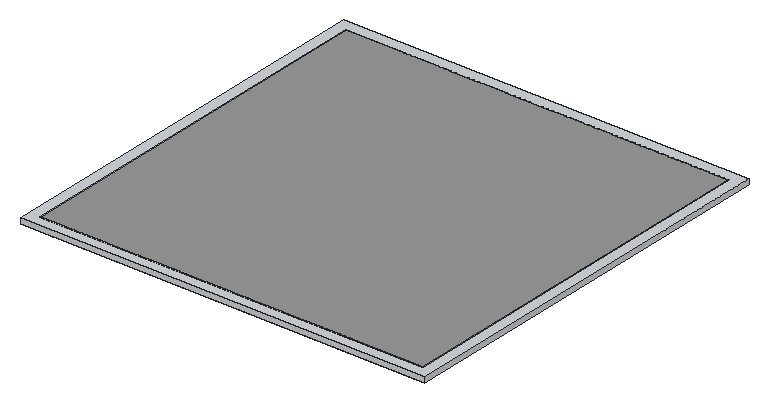
Revit family "44636", category Lighting Fixtures, host Face, Revit 2018
Family settings
  Host = Face
  Round Connector Dimension = Use Diameter
  Part Type = Normal
  OmniClass Number = 23.80.70.00
  OmniClass Title = Lighting
  Cut with Voids When Loaded = No
  Light Source = Yes
  Shared = No
  Room Calculation Point = No
Parameters (values of type "0044636 START PANEL 600X600 4000 840")
  box length = 1160 mm
  Weight = "n/a"
  Wattage Comments = ""
  Wattage = 9.2903 W
  WarrantyStartDate [instance] = "n/a"
  WarrantyGuarantorParts = "n/a"
  WarrantyDurationUnit = "n/a"
  WarrantyDurationParts = ""
  WarrantyDescription = "http://www.sylvania-lighting.com"
  built-in parameter 1150110 = 1 (stored number, unit not read)
  Voltage = 0 V
  URL = "0.9"
  TypeName = "START Panel 600x600 4000lm 840"
  Type Image = <None>
  Type Comments = "n/a"
  built-in parameter 1114217 = 1 (stored number, unit not read)
  Tilt Angle = -90.00°
  built-in parameter 1150109 = 1 (stored number, unit not read)
  built-in parameter 1150134 = 3
  built-in parameter 1150113 = 1 (stored number, unit not read)
  SerialNumber [instance] = "n/a"
  Photometric Web File = "0044636.IES"
  Material_3_SYL = none
  PowerFactor = 0
  PowerConsumption = "Lighting"
  NominalLength = 595 mm
  NominalHeight = 25 mm
  NominalDepth = 595 mm
  Name = "START Panel 600x600 4000lm 840"
  ModelReference = Name  # "START Panel 600x600 4000lm 840"
  ModelNumber = "0044636"
  Model = Name  # "START Panel 600x600 4000lm 840"
  Material = "Feilo Sylvania"
  ManufacturerName = "133 lm/W"
  Manufacturer = ""
  LuminousEfficacy = ""
  built-in parameter 1150105 = 109.82 (stored number, unit not read)
  Lumens = 1380 lm
  LuminaireType = "0"
  built-in parameter 1150115 = 1 (stored number, unit not read)
  LightOutputRatio = "LED"
  built-in parameter 1150137 = (empty or 0)
  built-in parameter 1150139 = (empty or 0)
  LampsType = Lamp  # "n/a"
  LampNominalLuminous = "4000 K"
  LampMacAdamStep = "80"
  LampColourTemperature = "LED"
  LampColourRenderingIndex = "16500"
  built-in parameter 1150112 = 1 (stored number, unit not read)
  built-in parameter 1150114 = 1 (stored number, unit not read)
  Lamp = "n/a"
  Keynote = "n/a"
  InstallationDate [instance] = "n/a"
  InputVoltage = "0"
  InputNominalFrequency = "4000"
  built-in parameter 1150132 = (empty or 0)
  built-in parameter 1150102 = (empty or 0)
  built-in parameter 1150107 = 3200 (stored number, unit not read)
  built-in parameter 1150138 = (empty or 0)
  IngressProtection = "IfcLightFixtureType"
  ImpactProtectionIndex = "IfcLightFixtureType"
  built-in parameter 1150106 = 1.0982 (stored number, unit not read)
  IfcExportType = "IfcLightFixtureType"
  IfcExportAs = "Class II"
  Emit from Circle Diameter = 609.6 mm
  Emit Shape Visible in Rendering = no
  ElectricShockClassification = "133"
  built-in parameter 1150104 = 13.8 (stored number, unit not read)
  DocumentationLiterature = "http://www.sylvania-lighting.com/product/en-int/products/0044636"
  DimmingControlOptions = "n/a"
  Material_2_SYL = none
  Dimming Lamp Color Temperature Shift = <None>
  Description = "LED Panel with backlit technology, ideal for general indoor lighting applications such as breakout areas, offices and meeting rooms. Extruded aluminium frame, passive cooling. Low glaring UGR<22. RG0, 110 degree beam angle , optical system: PS diffuser with Opal finish. Light color temperature: 4000K Neutral White, total system power: 30W , total fixture output: 4000lm, efficacy: 133 lm/W, Ra80 typical, LED chromacity: 3 step MacAdam ellipse (SDCM3), lifespan: 100,000 hours at 70% of the original output (L70B50), IR/UV free light source without heat radiation, operating voltage: 220-240V / 50-60Hz, low flicker, non dimmable driver, electrical protection: Class II. Degree of Protection: IP40/IP20, suitable for indoor environment only. Nominal size: 595x595mm, Loop in / loop out wiring, saftey cables & quick connector included, 25mm nominal height, White color frame, weight: 1,67Kg."
  Default Elevation = 1219.2 mm
  CreatedOn = "20/11/2023"
  CreatedBy = "@sylvania-lighting.com"
  Cost = 0
  Color Filter = 16777215
  built-in parameter 1114216 [instance] = (empty or 0)
  ClassificationValue = "EF_70_80"
  ClassificationName = "Uniclass2015"
  Material_1_SYL = none
  BarCode [instance] = "n/a"
  built-in parameter 1114218 = 1 (stored number, unit not read)
  built-in parameter 1150133 = 10 (stored number, unit not read)
  AssetType = "Fixed"
  AssetIdentifier [instance] = "n/a"
  Assembly Code = "D5020200"
  Apparent Load = 30 VA
  Material_4_SYL = none
Reference planes
  plane 1 "Center (Front/Back)": y = 0
  plane 2: z = 0
  plane 3 "Center (Left/Right)": x = 0
  plane 4: x = -297.5
  plane 5: x = 297.5
  plane 6: y = 297.5
  plane 7: y = -297.5
  plane 8: z = 1
  plane 9: x = -281.5
  plane 10: y = 281.5
  plane 11: y = -281.5
  plane 12: y = -273.5
  plane 13: y = 273.5
  plane 14: x = -273.482
  plane 15: x = 273.5
  plane 16: z = -17
  plane 17: z = 8
  plane 18: z = 8
  plane 19: x = 281.5
  plane 20: y = 266.5
  plane 21: x = -267.5
  plane 22: y = -266.5
  plane 23: x = 266.5
Forms (mm)
  Extrusion 1, solid, detail levels medium+fine
    sketch origin (0, 0, 0) x (1, 0, 0) y (0, 1, 0)
      loop
        line (-297.5, 297.5) -> (-297.5, -297.5) -> (297.5, -297.5) -> (297.5, 297.5) -> (-297.5, 297.5)
    from 0 to 8
  Extrusion 2, void
    sketch origin (0, 0, 0) x (1, 0, 0) y (0, 1, 0)
      loop
        line (-281.5, 281.5) -> (-281.5, -281.5) -> (281.5, -281.5) -> (281.5, 281.5) -> (-281.5, 281.5)
    from 8 to 6.494
  Extrusion 3, solid, material "Glass, White, High Luminance", detail levels fine
    sketch origin (0, 0, 0) x (1, 0, 0) y (0, 1, 0)
      loop
        line (-281.5, 281.5) -> (-281.5, -281.5) -> (281.5, -281.5) -> (281.5, 281.5) -> (-281.5, 281.5)
    from 8 to 6.494
  Blend 4, solid, detail levels medium+fine
    base sketch origin (0, 0, 0) x (1, 0, 0) y (0, 1, 0)
      loop
        line (-281.5, 266.5) -> (-281.5, -266.5)
        arc (-281.5, -266.5) -> (-277.466, -276.768) -> (-267.5, -281.5) r 15
        line (-267.5, -281.5) -> (266.5, -281.5)
        arc (266.5, -281.5) -> (277.107, -277.107) -> (281.5, -266.5) r 15
        line (281.5, -266.5) -> (281.5, 266.5)
        arc (281.5, 266.5) -> (277.107, 277.107) -> (266.5, 281.5) r 15
        line (266.5, 281.5) -> (-267.5, 281.5)
        arc (-267.5, 281.5) -> (-277.466, 276.768) -> (-281.5, 266.5) r 15
    top sketch origin (0, 0, 0) x (1, 0, 0) y (0, 1, 0)
      loop
        line (-273.482, 266.5) -> (-273.482, -266.5)
        arc (-273.482, -266.5) -> (-271.692, -271.026) -> (-267.5, -273.5) r 7.5
        line (-267.5, -273.5) -> (266.5, -273.5)
        arc (266.5, -273.5) -> (271.319, -271.319) -> (273.5, -266.5) r 7.5
        line (273.5, -266.5) -> (273.5, 266.5)
        arc (273.5, 266.5) -> (271.319, 271.319) -> (266.5, 273.5) r 7.5
        line (266.5, 273.5) -> (-267.5, 273.5)
        arc (-267.5, 273.5) -> (-271.692, 271.026) -> (-273.482, 266.5) r 7.5
    from 0 to -17
  Extrusion 5, solid, detail levels coarse
    sketch origin (0, 0, 0) x (1, 0, 0) y (0, 0, 1)
      loop
        line (-297.5, 8) -> (-297.5, -17) -> (297.5, -17) -> (297.5, 8) -> (-297.5, 8)
    from -297.5 to 297.5
Cuts and joins
  Extrusion 2 cuts Extrusion 1
Dimensions and locks
  "NominalLength": plane 4 to plane 5
  equal spacing: plane 4, plane 3 "Center (Left/Right)", plane 5
  "NominalDepth": plane 6 to plane 7
  equal spacing: plane 6, plane 1 "Center (Front/Back)", plane 7
  "NominalHeight": plane 16 to plane 17
  "NominalHeight": plane 18 to plane 16
  aligned and locked: plane 2 to host face
  aligned and locked: level to host face
Automatic sketch dimensions
  host sketch curve to host sketch curve = 2438.4 mm  (x2)
  Extrusion 1 sketch curve to plane 4 = 0 mm
  Extrusion 1 sketch curve to plane 5 = 0 mm
  Extrusion 1 sketch curve to plane 7 = 0 mm
  Extrusion 1 sketch curve to plane 6 = 0 mm
  Extrusion 2 sketch curve to plane 9 = 0 mm
  Extrusion 2 sketch curve to plane 11 = 0 mm
  Extrusion 2 sketch curve to plane 10 = 0 mm
  Extrusion 3 sketch curve to plane 9 = 0 mm
  Extrusion 3 sketch curve to plane 11 = 0 mm
  Extrusion 3 sketch curve to plane 10 = 0 mm
  plane 15 to Extrusion 2 sketch curve = 8 mm
  plane 15 to Extrusion 3 sketch curve = 8 mm
  Blend 4 sketch curve to plane 9 = 0 mm
  Blend 4 sketch curve to plane 10 = 0 mm
  Blend 4 sketch curve to plane 21 = 0 mm  (x4)
  Blend 4 sketch curve to plane 11 = 0 mm
  Blend 4 sketch curve to plane 22 = 0 mm  (x4)
  Blend 4 sketch curve to plane 23 = 0 mm  (x3)
  Blend 4 sketch curve to plane 20 = 0 mm  (x4)
  Blend 4 sketch curve to plane 22 = 0.033 mm
  plane 20 to Blend 4 sketch curve = 0.033 mm
  Blend 4 sketch curve to plane 14 = 0 mm
  Blend 4 sketch curve to plane 13 = 0 mm
  Blend 4 sketch curve to plane 12 = 0 mm
  Blend 4 sketch curve to plane 15 = 0 mm
  plane 22 to Blend 4 sketch curve = 0.346 mm
  Blend 4 sketch curve to plane 20 = 0.346 mm
  Blend 4 sketch curve to plane 20 = 0.484 mm
  plane 22 to Blend 4 sketch curve = 0.484 mm
  Extrusion 5 sketch curve to plane 4 = 0 mm
  Extrusion 5 sketch curve to plane 5 = 0 mm
  Extrusion 5 sketch curve to plane 16 = 0 mm
  Extrusion 5 sketch curve to plane 17 = 0 mm
Connectors
  electrical at (0, 0, 0)
    settings: on cut or joined group of Extrusion 1, Extrusion 2, index 1, voltage 0 V, apparent load 0 VA, apparent load phase1 0 VA, apparent load phase2 0 VA, apparent load phase3 0 VA, power factor 1, load classification "Other", number of poles 1, system type 31, power factor state 1, is connector primary yes, connector utility no, sub classification motor no, connector description ""
